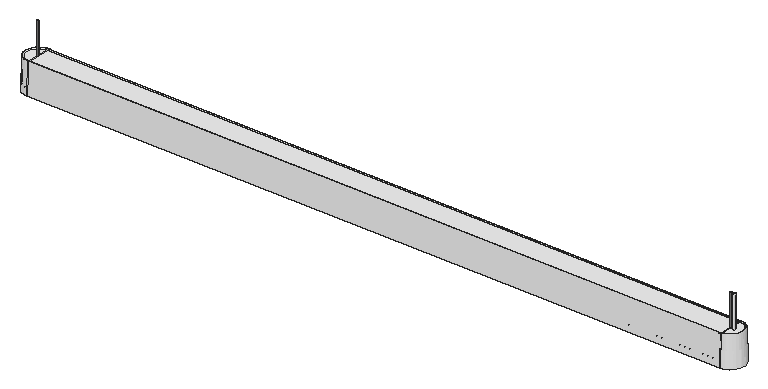
Revit family "Lighting_Pendants_Focus-Lighting_Pelee-Line_2350", category Lighting Fixtures, host Ceiling, Revit 2017
Family settings
  Host = Ceiling
  Round Connector Dimension = Use Diameter
  Part Type = Normal
  OmniClass Number = 23.80.70.11
  OmniClass Title = Luminaries for Internal Lighting
  Always vertical = Yes
  Cut with Voids When Loaded = No
  Light Source = Yes
  Shared = No
  Room Calculation Point = No
Parameters (values of type "Pelee line 2350mm 8000lm, 100% downwards")
  Weight = "Ca 9kg."
  Wattage = 53.8568 W
  WarrantyStartDate [instance] = "n/a"
  WarrantyGuarantorParts = "n/a"
  WarrantyGuarantorLabor = "n/a"
  WarrantyDurationUnit = "Years"
  WarrantyDurationParts = "n/a"
  WarrantyDurationLabor = "n/a"
  WarrantyDescription = "n/a"
  built-in parameter 1150110 = 1 (stored number, unit not read)
  VersionDate = "19/06/2019"  # constant formula
  Version = "1"  # constant formula
  UsageCurrent = 0 A
  Uniclass2015Reference = "Pr_70_70_48_86"
  Uniclass2015Description = "Suspended luminaires"
  Uniclass2 = "Pr_70_70_49_86"
  URL = "https://www.focus-lighting.dk/products/pel%C3%A9e-line/pel%C3%A9e-2350/"
  TotalWattage = 103 W
  built-in parameter 1114217 = 1 (stored number, unit not read)
  Tilt Angle = 90.00°
  built-in parameter 1150109 = 1 (stored number, unit not read)
  built-in parameter 1150134 = (empty or 0)
  TagNumber [instance] = "n/a"
  SustainabilityPerformance = "n/a"
  built-in parameter 1150113 = 1 (stored number, unit not read)
  Size = "2350x92x100 mm"
  Shape = "Sculptured"
  SerialNumber [instance] = "n/a"
  Revision = "n/a"
  ReplacementCost = "n/a"
  ProductInformation = "The inner conical circles of the Pelée luminaires contribute to a comfortable, non-glaring spread of light."
  ProductDatasheet = "https://www.focus-lighting.dk/media/244065/pelee_line_eng.pdf"
  Photometric Web File = "Pelée Line 2350 930 12000lm 35-65 Prismatisk.IES"
  PhaseReference = "n/a"
  PhaseAngle = 0.00°
  NumberOfSources = 0
  NumberOfPoles = 1
  built-in parameter 1150142 = "IESNA:LM-63-2002\r\n[TEST] VFR-181116-0241-MS\r\n[TESTLAB] FocusLighting/PhotoFiler/2013.12.0.2/EULumdat 1\r\n[TESTDATE] 16 Nov 2018\r\n[ISSUEDATE] 16 Nov 2018\r\n[MANUFAC] FocusLighting/PhotoFiler/2013.12.0.2/EULumdat 1\r\n[LUMCAT] Pelée Line 2350 930 12000lm 35-65 Prismatic\r\n[LUMINAIRE] Pelée Line 2350 930 12000lm 35-65 Prismatic\r\n[FLASHAREA] 0.039457\r\n[LAMPCAT] LED\r\n[LAMP] LED\r\nTILT=NONE\r\n1 12000.00 1.0 37 10 1 2 0.070 2.330 0.000\r\n1.00 1.00 102.40\r\n0.00 5.00 10.00 15.00 20.00 25.00 30.00 35.00 40.00 45.00 \r\n50.00 55.00 60.00 65.00 70.00 75.00 80.00 85.00 90.00 \r\n95.00 100.00 105.00 110.00 115.00 120.00 125.00 130.00 \r\n135.00 140.00 145.00 150.00 155.00 160.00 165.00 170.00 \r\n175.00 180.00 \r\n0.00 10.00 20.00 30.00 40.00 50.00 60.00 70.00 80.00 \r\n90.00 \r\n2961.36 2946.12 2903.52 2828.16 2717.64 2568.36 2390.76 \r\n2173.80 1899.00 1500.36 1086.98 811.68 610.04 462.24 \r\n359.10 275.32 191.59 93.26 24.46 45.27 113.91 202.49 \r\n296.56 393.02 492.64 590.11 684.49 773.92 860.68 943.30 \r\n1025.46 1096.21 1149.05 1193.58 1232.04 1254.36 1260.72 \r\n2961.36 2946.24 2901.72 2825.52 2712.36 2563.32 2383.32 \r\n2168.64 1889.28 1496.28 1097.71 811.20 605.35 461.68 \r\n370.87 284.50 188.71 73.21 36.52 46.10 115.21 202.14 \r\n295.99 391.78 489.55 585.31 679.02 770.96 858.70 940.88 \r\n1020.98 1092.62 1149.29 1194.06 1229.64 1252.32 1260.72 \r\n2961.36 2947.68 2901.96 2823.12 2707.68 2557.08 2372.52 \r\n2152.92 1879.08 1495.44 1092.59 800.90 604.07 460.94 \r\n353.50 254.33 145.92 41.83 20.25 49.06 116.90 202.01 \r\n295.97 390.97 486.42 582.24 676.06 767.52 854.71 937.38 \r\n1015.79 1086.67 1144.91 1190.17 1227.72 1252.32 1260.72 \r\n2961.36 2945.88 2898.84 2816.64 2698.56 2544.12 2356.56 \r\n2134.92 1862.52 1486.68 1089.35 796.58 597.24 446.92 \r\n326.53 219.26 106.63 29.68 19.88 44.46 113.38 196.86 \r\n289.81 384.96 480.28 576.04 668.86 760.03 848.24 932.20 \r\n1008.74 1079.56 1141.80 1189.64 1226.88 1251.84 1260.72 \r\n2961.36 2946.24 2897.64 2811.96 2689.32 2529.60 2336.88 \r\n2114.64 1844.64 1470.12 1077.55 776.77 562.64 409.42 \r\n290.10 180.91 79.64 25.41 15.25 44.60 110.25 192.58 \r\n282.48 377.82 474.10 567.38 660.54 752.00 840.55 925.04 \r\n1004.33 1075.42 1137.06 1187.21 1226.40 1253.28 1260.72 \r\n2961.36 2944.44 2892.60 2804.52 2676.36 2512.92 2317.44 \r\n2092.92 1819.92 1434.48 1042.10 751.76 536.23 377.21 \r\n259.24 153.36 62.19 23.09 17.17 39.87 105.20 186.40 \r\n275.45 367.57 463.86 560.05 651.12 742.73 832.97 918.86 \r\n998.15 1070.23 1133.57 1185.90 1225.80 1251.84 1260.72 \r\n2961.36 2942.16 2888.64 2795.76 2664.12 2496.48 2298.12 \r\n2071.08 1789.80 1393.80 1005.23 725.76 517.18 357.47 \r\n234.95 133.68 56.30 21.44 13.98 39.78 102.28 181.38 \r\n268.48 359.76 453.64 549.53 642.83 733.62 824.57 911.14 \r\n992.36 1066.00 1129.39 1182.38 1223.04 1251.00 1260.72 \r\n2961.36 2941.80 2885.40 2790.48 2654.76 2482.68 2283.00 \r\n2052.96 1760.64 1365.48 982.21 696.48 486.14 333.82 \r\n218.47 119.30 50.05 21.24 15.61 35.78 96.98 175.61 262.02 \r\n353.08 447.01 542.69 636.44 727.57 818.36 905.34 987.34 \r\n1062.25 1128.16 1182.26 1222.32 1250.04 1260.72 \r\n2961.36 2943.24 2885.40 2787.84 2651.04 2478.00 2274.00 \r\n2038.68 1743.12 1354.80 962.51 673.79 468.73 320.04 \r\n208.18 112.49 48.54 20.41 7.26 37.48 94.79 172.93 258.90 \r\n349.57 443.60 537.50 631.85 725.04 815.08 903.34 986.22 \r\n1061.05 1126.60 1181.45 1222.20 1249.44 1260.72 \r\n2961.36 2940.60 2884.92 2787.72 2649.84 2475.24 2270.40 \r\n2033.28 1735.08 1349.28 951.59 662.03 462.60 319.24 \r\n207.56 111.22 47.02 21.26 9.54 32.83 92.80 170.04 256.38 \r\n347.51 441.61 535.68 629.28 722.04 812.40 901.73 983.86 \r\n1060.58 1128.46 1181.92 1222.68 1250.04 1260.72 \r\n"
  NominalWidth = 2350 mm
  NominalVoltageCalc = 230 V
  NominalVoltage = 230 V
  NominalHeight = 100 mm
  NominalFrequencyRange = 50 Hz
  NominalDepth = 92 mm
  NominalCurrent = 0 A
  Name = "Pelee-Line_2350"
  NBSReference = "90-60-50/405"
  NBSDescription = "General purpose luminaires"
  ModelReference = ArticleNumber  # "5813-"
  ModelNumber = "n/a"
  Model = "Pelee line 2350mm 8000lm, 100% downwards"
  Material = "Cast aluminium & acrylate"
  ManufacturersSpecificInformation = "n/a"
  ManufacturerURL = "http://www.focus-lighting.dk/home/"
  ManufacturerName = "Focus lighting"
  Manufacturer = "Focus lighting"
  MaintenanceFactor = 0
  Lumens = 8000 lm
  built-in parameter 1150115 = 1 (stored number, unit not read)
  built-in parameter 1150105 = 1974.2 (stored number, unit not read)
  LightingProtectionClassification = "Class I"
  LightFixtureTertiaryMaterial = Steel
  LightFixtureSecondaryMaterial = Cable white
  LightFixturePlacingType = "Ceiling"
  LightFixtureMountingType = "Pendant installation"
  LightFixtureMainMaterial [instance] = Die cast aluminum white
  built-in parameter 1150137 = (empty or 0)
  built-in parameter 1150139 = (empty or 0)
  LensMaterial = Microprismatic acrylate
  built-in parameter 1150112 = 1 (stored number, unit not read)
  built-in parameter 1150114 = 1 (stored number, unit not read)
  LED lifetime = "Min 50.000 timer, L80B10"
  InsulationStandardClass = "n/a"
  InstallationDate [instance] = "n/a"
  built-in parameter 1150132 = 2
  built-in parameter 1150102 = (empty or 0)
  built-in parameter 1150138 = (empty or 0)
  built-in parameter 1150107 = 2700 (stored number, unit not read)
  built-in parameter 1150106 = 19.742 (stored number, unit not read)
  IfcExportType = "NOTDEFINED"  # constant formula
  IfcExportAs = "IfcLightFixtureType"  # constant formula
  IP_Code = "IP 20"
  HasProtectiveEarth = yes
  Grade = "n/a"
  Finish = "Body: cast aluminium powder coated white RAL 9010, silver grey MW300D, black Noir 900, corten brown YX355F; Downward shade: microprismatic acrylate; Upward shade: opalised acrylate."
  Features = "Lead 3m white PKLJ; Suspension 2x2 m steel wire, 1.2mm; Colour temperature 2700, 3000, or 4000 Kelvin."
  ExpectedLife = "50.000"
  Emit from Rectangle Width = 50 mm
  Emit from Rectangle Length = NominalWidth - 80 mm  # 2270 mm
  Emit Shape Visible in Rendering = no
  ElectricalDeviceNominalPower = 0
  built-in parameter 1150104 = 13.8 (stored number, unit not read)
  DurationUnit = "Hours"
  Driver = "Dali control"
  Dimming Lamp Color Temperature Shift = <None>
  Description = "The inner conical circles of the Pelée luminaires contribute to a comfortable, non-glaring spread of light. The family comprises luminaires to be recessed, surface-mounted, or suspended. Pelée Line is available in various lengths up to six metres. The light is directed down and upwards - see the distribution in the specification below."
  DefaultElevation = 0 mm
  ConvergoRefNr = "0154-1901-0002-DK"
  Constituents = "n/a"
  ColorTolerance = "3 steps SDCM"
  ColorRenderingIndex = "Min 90 Ra"
  Color Filter = 16777215
  Color = "Various"
  Collection = "Pelee Line"
  CodePerformance = "n/a"
  Category = "Indoor"
  CableLengthControl [instance] = if(CableLength < 100 mm, 100 mm, if(CableLength > 2000 mm, 2000 mm, CableLength))  # 100 mm
  CableLength [instance] = 100 mm
  Brand = "Focus lighting"
  Barcode [instance] = "n/a"
  built-in parameter 1114218 = 1 (stored number, unit not read)
  BIMObjectName = "Lighting_Pendants_Focus-Lighting_Pelee-Line_2350"
  Author = "Convergo AB"  # constant formula
  built-in parameter 1150133 = 10 (stored number, unit not read)
  AssetType = "Fixed"
  AssetIdentifier [instance] = "n/a"
  ArticleNumber = "5813-"
  AccessibilityPerformance = "n/a"
Types (4, lengths in mm): name | Wattage | ModelReference | Model | Lumens | built-in parameter 1150105 | built-in parameter 1150106 | ArticleNumber
  Pelee line 2350mm 8000lm, 100% downwards | 53.8568 W | "5813-" | "Pelee line 2350mm 8000lm, 100% downwards" | 8000 lm | 1974.2 (stored number, unit not read) | 19.742 (stored number, unit not read) | "5813-"
  Pelee line 2350mm 12000lm, 35/65 up/down | 80.7853 W | "5815-" | "Pelee line 2350mm 12000lm, 35/65 up/down" | 12000 lm | 2961.4 (stored number, unit not read) | 29.614 (stored number, unit not read) | "5815-"
  Pelee line 2350mm 12000lm, 50/50 up/down | 80.7853 W | "5817-" | "Pelee line 2350mm 12000lm, 50/50 up/down" | 12000 lm | 2961.4 (stored number, unit not read) | 29.614 (stored number, unit not read) | "5817-"
  Pelee line 2350mm 12000lm, 65/35 up/down | 80.7853 W | "5819-" | "Pelee line 2350mm 12000lm, 65/35 up/down" | 12000 lm | 2961.4 (stored number, unit not read) | 29.614 (stored number, unit not read) | "5819-"
Reference planes
  plane 1 "Light Source Axis (F/B)": y = 0
  plane 2: z = 0
  plane 3 "Light Source Axis (L/R)": x = 0
  plane 4 "Ceiling": z = 4000
  plane 5 "Light Source Elevation": z = 3800
  plane 6: x = -1175
  plane 7: y = 46
  plane 8: x = 1175
  plane 9: y = -46
  plane 10: z = 3800
  plane 11: z = 3900
Dimensions and locks
  equal spacing: host sketch curve, plane 3 "Light Source Axis (L/R)", host sketch curve
  equal spacing: host sketch curve, plane 1 "Light Source Axis (F/B)", host sketch curve
  host sketch curve to host sketch curve = 4000 mm  (x2)
  locked: plane 4 "Ceiling" to host ceiling at 0
  equal spacing: plane 7, plane 1 "Light Source Axis (F/B)", plane 9
  "NominalDepth": plane 7 to plane 9
  equal spacing: plane 6, plane 3 "Light Source Axis (L/R)", plane 8
  "NominalWidth": plane 6 to plane 8
  plane 2 to plane 4 "Ceiling" = 4000 mm
  "NominalHeight": plane 10 to plane 11
  "CableLengthControl": plane 11 to plane 4 "Ceiling"
  aligned and locked: plane 5 "Light Source Elevation" to imposter light
  aligned and locked: plane 1 "Light Source Axis (F/B)" to nested 1
  aligned and locked: plane 5 "Light Source Elevation" to plane 10
  aligned and locked: nested 1 to plane 10
Nested families
  nested 1: "Pelee" at (0, 0, 3800), CableLength <- "CableLengthControl", Body <- "LightFixtureMainMaterial", Lens <- "LensMaterial", PowerCable <- "LightFixtureSecondaryMaterial", MetalCable <- "LightFixtureTertiaryMaterial", ControlWidth <- "NominalWidth", type "Pelee"
    with PowerCable Cable white, MetalCable Steel, Lens Microprismatic acrylate, ControlWidth 2350 mm, CableLength 100 mm, Body Die cast aluminum white
Connectors
  electrical at (1141.028, 0, 4000), driven by "NominalVoltage"
    settings: on nested 1, index 1, voltage 230 V, apparent load 0 VA, apparent load phase1 0 VA, apparent load phase2 0 VA, apparent load phase3 0 VA, power factor 1, load classification "Other", number of poles 1, system type 31, power factor state 1, is connector primary yes, connector utility no, sub classification motor no, connector description ""
Definition of nested family "Pelee"
  Parameters (values of type "Pelee")
    MetalCable [instance] = none
    Lens [instance] = none
    ControlWidth [instance] = 1800 mm
    CableLength [instance] = 200 mm
    PowerCable [instance] = none
    Body [instance] = none
  Reference planes
    plane 1 "Center (Front/Back)": y = 0
    plane 2: z = 0
    plane 3 "Center (Left/Right)": x = 0
    plane 4: x = -900
    plane 5: x = 900
    plane 6: y = 46
    plane 7: y = -46
    plane 8: z = 100
  Forms (mm)
    Extrusion 1, solid, material <- "Body", detail levels medium+fine
      sketch origin (0, 0, 0) x (0, 1, 0) y (0, 0, 1)
        loop
          arc (45.296, 0) -> (45.477, 50.11) -> (40.782, 100) r 514.598
          line (40.782, 100) -> (39, 100) -> (36.934, 97.934) -> (-36.934, 97.934) -> (-39, 100) -> (-40.782, 100)
          arc (-40.782, 100) -> (-45.477, 50.11) -> (-45.296, 0) r 514.598
          line (-45.296, 0) -> (-43.995, 0) -> (-43.4, 2.801) -> (-41.865, 2.966) -> (-41.262, 5.801) -> (-39.727, 5.966) -> (-39.125, 8.801) -> (-37.59, 8.966) -> (-36.987, 11.801) -> (-35.452, 11.966) -> (-34.849, 14.801) -> (-33.314, 14.966) -> (-32.738, 17.676) -> (-37.453, 17.676)
          arc (-37.453, 17.676) -> (-39.119, 19.342) -> (-37.453, 21.008) r 1.666
          line (-37.453, 21.008) -> (-42.498, 23.137)
          arc (-42.498, 23.137) -> (-41.28, 55.057) -> (-38.043, 86.835) r 504.288
          line (-38.043, 86.835) -> (38.043, 86.835)
          arc (38.043, 86.835) -> (41.28, 55.057) -> (42.498, 23.137) r 504.288
          line (42.498, 23.137) -> (37.453, 21.008)
          arc (37.453, 21.008) -> (39.119, 19.342) -> (37.453, 17.676) r 1.666
          line (37.453, 17.676) -> (32.738, 17.676) -> (33.314, 14.966) -> (34.849, 14.801) -> (35.452, 11.966) -> (36.987, 11.801) -> (37.59, 8.966) -> (39.125, 8.801) -> (39.727, 5.966) -> (41.262, 5.801) -> (41.865, 2.966) -> (43.4, 2.801) -> (43.995, 0) -> (45.296, 0)
      from -854 to 854
    Revolve 2, solid, material <- "Body", detail levels medium+fine
      sketch origin (854, 0, 0) x (0, 1, 0) y (0, 0, 1)
        loop
          arc (45.296, 0) -> (45.477, 50.11) -> (40.782, 100) r 514.598
          line (40.782, 100) -> (39, 100) -> (36.934, 97.934) -> (0, 97.934) -> (0, 86.835) -> (38.043, 86.835)
          arc (38.043, 86.835) -> (41.28, 55.057) -> (42.498, 23.137) r 504.288
          line (42.498, 23.137) -> (37.453, 21.008)
          arc (37.453, 21.008) -> (39.119, 19.342) -> (37.453, 17.676) r 1.666
          line (37.453, 17.676) -> (32.738, 17.676) -> (33.314, 14.966) -> (34.849, 14.801) -> (35.452, 11.966) -> (36.987, 11.801) -> (37.59, 8.966) -> (39.125, 8.801) -> (39.727, 5.966) -> (41.262, 5.801) -> (41.865, 2.966) -> (43.4, 2.801) -> (43.995, 0) -> (45.296, 0)
        axis (0, 100) -> (0, 0)
      angle from 0 to -180
    Revolve 3, solid, material <- "Body", detail levels medium+fine
      sketch origin (-854, 0, 0) x (0, 1, 0) y (0, 0, 1)
        loop
          line (-45.296, 0) -> (-43.995, 0) -> (-43.4, 2.801) -> (-41.865, 2.966) -> (-41.262, 5.801) -> (-39.727, 5.966) -> (-39.125, 8.801) -> (-37.59, 8.966) -> (-36.987, 11.801) -> (-35.452, 11.966) -> (-34.849, 14.801) -> (-33.314, 14.966) -> (-32.738, 17.676) -> (-37.453, 17.676)
          arc (-37.453, 17.676) -> (-39.119, 19.342) -> (-37.453, 21.008) r 1.666
          line (-37.453, 21.008) -> (-42.498, 23.137)
          arc (-42.498, 23.137) -> (-41.28, 55.057) -> (-38.043, 86.835) r 504.288
          line (-38.043, 86.835) -> (0, 86.835) -> (0, 97.934) -> (-36.934, 97.934) -> (-39, 100) -> (-40.782, 100)
          arc (-40.782, 100) -> (-45.477, 50.11) -> (-45.296, 0) r 514.598
        axis (0, 100) -> (0, 0)
      angle from 0 to 180
    Extrusion 4, solid, material <- "Lens", detail levels medium+fine
      sketch origin (0, 0, 0) x (1, 0, 0) y (0, 1, 0)
        loop
          line (849.728, 35.738) -> (-850.022, 35.738)
          arc (-850.022, 35.738) -> (-885.76, 0) -> (-850.022, -35.738) r 35.738
          line (-850.022, -35.738) -> (849.728, -35.738)
          arc (849.728, -35.738) -> (885.466, 0) -> (849.728, 35.738) r 35.738
      from 17.999 to 20.5
    Extrusion 5, solid, material <- "MetalCable", detail levels medium+fine
      sketch origin (-733.254, -1524, 100) x (-1, 0, 0) y (0, -1, 0)
        loop
          circle (121.746, -1524) r 2
        loop
          circle (-1588.254, -1524) r 2
      from -2.066 to 200 <- "CableLength"
    Extrusion 6, solid, material <- "PowerCable", detail levels medium+fine
      sketch origin (-733.254, -1524, 100) x (-1, 0, 0) y (0, -1, 0)
        loop
          circle (-1599.282, -1524) r 4
      from -3 to 200 <- "CableLength"
    Extrusion 7, solid, material <- "Body", detail levels coarse
      sketch origin (-733.254, -1524, 100) x (-1, 0, 0) y (0, -1, 0)
        loop
          line (166.746, -1570) -> (166.746, -1478) -> (-1633.254, -1478) -> (-1633.254, -1570) -> (166.746, -1570)
      from -100 to 200 <- "CableLength"
  Lines and regions (mm)
    symbolic lines, detail levels medium+fine
      curve 1: line (0, 45.296, 0) -> (0, -45.296, 0)
      curve 2: line (0, 40.782, 100) -> (0, 4, 100)
      curve 3: arc (0, 45.296, 0) -> (0, 45.477, 50.11) -> (0, 40.782, 100) r 514.598
      curve 4: arc (0, -40.782, 100) -> (0, -45.477, 50.11) -> (0, -45.296, 0) r 514.598
      curve 5: line (0, 4, 300) -> (0, 4, 100)
      curve 6: line (0, 4, 300) -> (0, -4, 300)
      curve 7: line (0, -4, 300) -> (0, -4, 100)
      curve 9: line (0, -4, 100) -> (0, -40.782, 100)
      curve 10: arc (-899.296, 0, 0) -> (-899.477, 0, 50.11) -> (-894.782, 0, 100) r 514.598
      curve 11: line (-894.782, 0, 100) -> (-857, 0, 100)
      curve 12: line (-899.296, 0, 0) -> (897.631, 0, 0)
      curve 13: arc (897.631, 0, 0) -> (897.747, 0, 50.044) -> (894.782, 0, 100) r 812.674
      curve 14: line (-853, 0, 300) -> (-857, 0, 300)
      curve 15: line (857, 0, 300) -> (853, 0, 300)
      curve 16: line (870.028, 0, 300) -> (862.028, 0, 300)
      curve 17: line (-857, 0, 300) -> (-857, 0, 100)
      curve 18: line (-853, 0, 300) -> (-853, 0, 100)
      curve 19: line (853, 0, 300) -> (853, 0, 100)
      curve 20: line (857, 0, 300) -> (857, 0, 100)
      curve 21: line (862.028, 0, 300) -> (862.028, 0, 100)
      curve 22: line (870.028, 0, 300) -> (870.028, 0, 100)
      curve 24: line (857, 0, 100) -> (862.028, 0, 100)
      curve 26: line (870.028, 0, 100) -> (894.782, 0, 100)
      curve 28: line (-853, 0, 100) -> (853, 0, 100)
      curve 29: arc (-854, 45.996, 100) -> (-899.996, 0, 100) -> (-854, -45.996, 100) r 45.996
      curve 30: line (854, 45.996, 100) -> (-854, 45.996, 100)
      curve 31: line (854, -45.996, 100) -> (-854, -45.996, 100)
      curve 32: arc (854, -45.996, 100) -> (899.996, 0, 100) -> (854, 45.996, 100) r 45.996
    symbolic lines, detail levels fine
      curve 8: line (0, 4, 100) -> (0, -4, 100)
      curve 23: line (853, 0, 100) -> (857, 0, 100)
      curve 25: line (862.028, 0, 100) -> (870.028, 0, 100)
      curve 27: line (-857, 0, 100) -> (-853, 0, 100)
      curve 33: arc (-854, 32.738, 100) -> (-886.738, 0, 100) -> (-854, -32.738, 100) r 32.738
      curve 34: line (854, 32.738, 100) -> (-854, 32.738, 100)
      curve 35: line (854, -32.738, 100) -> (-854, -32.738, 100)
      curve 36: arc (854, -32.738, 100) -> (886.738, 0, 100) -> (854, 32.738, 100) r 32.738
  Dimensions and locks
    equal spacing: plane 6, plane 1 "Center (Front/Back)", plane 7
    plane 6 to plane 1 "Center (Front/Back)" = 46 mm
    equal spacing: plane 4, plane 3 "Center (Left/Right)", plane 5
    locked: Extrusion 1 to plane 4 at 46
    locked: plane 5 to Extrusion 1 at 46
    locked: plane 4 to Extrusion 5 sketch curve at 45
    locked: Extrusion 5 sketch curve to plane 5 at 45
    "ControlWidth": plane 4 to plane 5
    aligned and locked: level to plane 2
    aligned and locked: curve 6 to Extrusion 6
    aligned and locked: Extrusion 5 to curve 14
    aligned and locked: curve 15 to Extrusion 5
    aligned and locked: curve 16 to Extrusion 6
    aligned and locked: Extrusion 7 sketch curve to plane 6
    aligned and locked: plane 4 to Extrusion 7 sketch curve
    aligned and locked: Extrusion 7 sketch curve to plane 7
    aligned and locked: Extrusion 7 sketch curve to plane 5
  Automatic sketch dimensions
    curve 4 to level = 0 mm
    curve 9 to plane 8 = 0 mm
    level to curve 3 = 26.904 mm
    curve 3 to plane 7 = 422.598 mm
    plane 7 to curve 1 = 0.704 mm
    plane 1 "Center (Front/Back)" to curve 9 = 40.782 mm
    plane 1 "Center (Front/Back)" to curve 9 = 4 mm
    curve 5 to plane 1 "Center (Front/Back)" = 4 mm
    curve 2 to plane 6 = 5.218 mm
    level to curve 4 = 26.904 mm
    curve 10 to level = 0 mm
    curve 11 to plane 8 = 0 mm
    plane 4 to curve 12 = 0.704 mm
    plane 4 to curve 11 = 5.218 mm
    plane 4 to curve 14 = 43 mm
    curve 11 to curve 18 = 4 mm
    level to curve 10 = 26.904 mm
    level to curve 13 = 26.904 mm
    plane 3 "Center (Left/Right)" to curve 13 = 85.402 mm
    curve 28 to plane 5 = 47 mm
    curve 19 to curve 20 = 4 mm
    curve 20 to curve 24 = 5.028 mm
    curve 21 to curve 22 = 8 mm
    curve 26 to plane 5 = 5.218 mm
    Extrusion 1 sketch curve to level = 0 mm  (x2)
    Extrusion 1 sketch curve to plane 8 = 0 mm  (x2)
    level to Extrusion 1 sketch curve = 26.904 mm
    Extrusion 1 sketch curve to plane 7 = 422.598 mm
    Extrusion 1 sketch curve to Extrusion 1 sketch curve = 6.819 mm  (x2)
    plane 7 to Extrusion 1 sketch curve = 0.704 mm
    Extrusion 1 sketch curve to Extrusion 1 sketch curve = 1.301 mm  (x2)
    plane 7 to Extrusion 1 sketch curve = 2.6 mm
    plane 7 to Extrusion 1 sketch curve = 3.502 mm
    Extrusion 1 sketch curve to Extrusion 1 sketch curve = 1.535 mm  (x10)
    Extrusion 1 sketch curve to Extrusion 1 sketch curve = 0.603 mm  (x8)
    plane 1 "Center (Front/Back)" to Extrusion 1 sketch curve = 40.782 mm
    Extrusion 1 sketch curve to Extrusion 1 sketch curve = 1.782 mm  (x2)
    plane 7 to Extrusion 1 sketch curve = 7.957 mm
    Extrusion 1 sketch curve to Extrusion 1 sketch curve = 5.045 mm
    Extrusion 1 sketch curve to plane 8 = 2.066 mm
    Extrusion 1 sketch curve to Extrusion 1 sketch curve = 2.066 mm  (x2)
    Extrusion 1 sketch curve to Extrusion 1 sketch curve = 0.576 mm  (x2)
    Extrusion 1 sketch curve to plane 6 = 13.262 mm
    Extrusion 1 sketch curve to plane 6 = 9.066 mm
    Extrusion 1 sketch curve to Extrusion 1 sketch curve = 4.715 mm
    Extrusion 1 sketch curve to plane 6 = 7.957 mm
    Extrusion 1 sketch curve to plane 6 = 3.502 mm
    level to Extrusion 1 sketch curve = 19.879 mm
    plane 6 to Extrusion 1 sketch curve = 415.779 mm
    level to Extrusion 1 sketch curve = 2.801 mm  (x2)
    Extrusion 1 sketch curve to Extrusion 1 sketch curve = 0.165 mm  (x10)
    Extrusion 1 sketch curve to Extrusion 1 sketch curve = 2.835 mm  (x8)
    Extrusion 1 sketch curve to Extrusion 1 sketch curve = 2.71 mm
    Extrusion 1 sketch curve to Extrusion 1 sketch curve = 2.875 mm
    Extrusion 1 sketch curve to Extrusion 1 sketch curve = 1.666 mm  (x2)
    Extrusion 1 sketch curve to Extrusion 1 sketch curve = 7.025 mm
    Extrusion 1 sketch curve to Extrusion 1 sketch curve = 2.128 mm
    Extrusion 1 to Revolve 2 sketch curve = 0 mm  (x14)
    Revolve 2 sketch curve to Extrusion 1 = 0 mm  (x16)
    Revolve 2 sketch curve to Revolve 2 sketch curve = 38.043 mm
    Extrusion 1 to Revolve 2 sketch curve = 3.332 mm
    Revolve 2 sketch curve to Revolve 2 sketch curve = 32.738 mm
    Revolve 3 sketch curve to Extrusion 1 = 0 mm  (x28)
    Extrusion 1 to Revolve 3 sketch curve = 0 mm
    Revolve 3 sketch curve to Revolve 3 sketch curve = 38.043 mm
    Revolve 3 sketch curve to Revolve 3 sketch curve = 0 mm
    Revolve 3 sketch curve to Extrusion 1 = 21.835 mm
    Revolve 3 sketch curve to Revolve 3 sketch curve = 10 mm
    plane 1 "Center (Front/Back)" to Extrusion 4 sketch curve = 0 mm
    plane 4 to Extrusion 4 sketch curve = 49.978 mm
    Extrusion 4 sketch curve to plane 5 = 50.272 mm
    plane 7 to Extrusion 4 sketch curve = 10.262 mm
    plane 1 "Center (Front/Back)" to Extrusion 5 sketch curve = 0 mm  (x2)
    plane 1 "Center (Front/Back)" to Extrusion 6 sketch curve = 0 mm
    Extrusion 6 sketch curve to plane 5 = 33.972 mm
    plane 1 "Center (Front/Back)" to curve 29 = 0 mm
    curve 30 to plane 6 = 0.004 mm
    plane 4 to curve 30 = 46 mm
    curve 31 to plane 5 = 46 mm
    curve 29 to curve 33 = 0 mm  (x2)
    curve 29 to curve 34 = 13.258 mm
    curve 35 to curve 31 = 0 mm
    radius of Revolve 2 sketch curve to Extrusion 1 = 0 mm  (x3)
    radius of Revolve 3 sketch curve to Extrusion 1 = 0 mm  (x3)
    radius of Extrusion 5 sketch curve = 2 mm  (x2)
    radius of Extrusion 6 sketch curve = 4 mm
